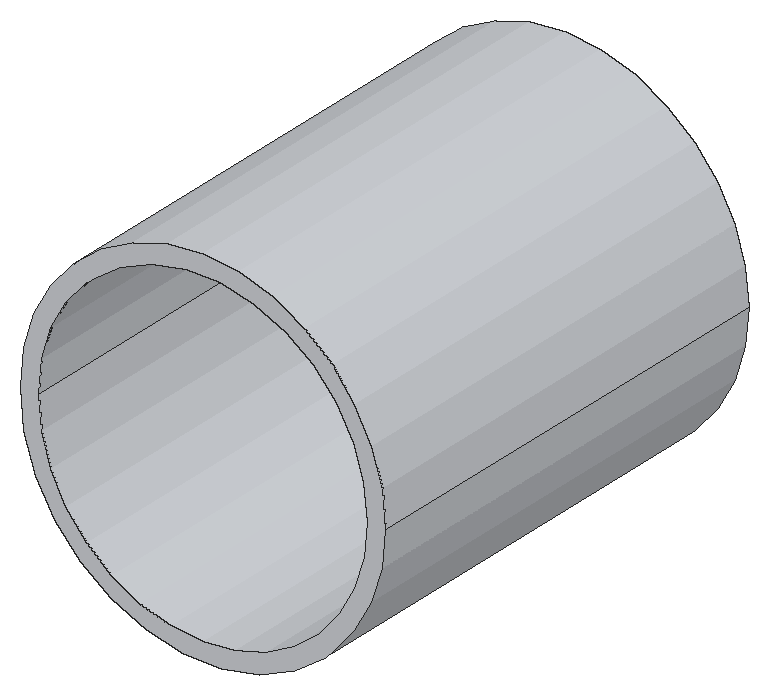
Revit family "SC3B", category Generic Models, Revit 2017
Family settings
  Can host rebar = No
  Round Connector Dimension = Use Diameter
  Part Type = Normal
  Work Plane-Based = Yes
  Always vertical = No
  Cut with Voids When Loaded = No
  Shared = No
  Room Calculation Point = No
Parameters (values of type "NBS Standard Parameters")
  Weight = "0.062Kg"
  WarrantyStartDate [instance] = "1900-12-31T23:59:59"
  WarrantyGuarantorParts = "n/a"
  WarrantyGuarantorLabor = "n/a"
  WarrantyDurationUnit = "1 year"
  WarrantyDurationParts = "n/a"
  WarrantyDurationLabor = "n/a"
  WarrantyDescription = "n/a"
  Version = "1"
  Uniclass2 = "Pr_65_70_11_20"
  TagNumber [instance] = "n/a"
  SustainabilityPerformance = "n/a"
  Size = "32mm"
  Shape = "Circular"
  SerialNumber [instance] = "n/a"
  Revision = "n/a"
  ReplacementCost = "n/a"
  ProductInformation = "www.metpro.co.uk/pdf/sc3g.pdf"
  NominalWidth = 35.5 mm
  NominalLength = 35.5 mm
  NominalHeight = 44 mm
  Name = ""
  NBSTypeID = ""
  NBSReference = "90-55-10/460"
  NBSOfficeMasterTag = ""
  NBSNote = ""
  NBSDescription = "Conduit Fittings"
  NBSCertification = ""
  ModelReference = "SC3B"
  ModelNumber = "n/a"
  Material = "Steel"
  ManufacturerURL = "www.metpro.co.uk"
  ManufacturerName = "Metpro  Ltd"
  InstallationDate [instance] = "1900-12-31T23:59:59"
  IfcExportType = ""
  IfcExportAs = ""
  Grade = "n/a"
  Finish = "Black"
  Features = "n/a"
  ExpectedLife = "n/a"
  DurationUnit = "year"
  Description = "SC3B - 32mm Solid Coupler"
  Default Elevation = 1219.2 mm
  Constituents = "n/a"
  Color = "n/a"
  CodePerformance = "n/a"
  Category = "n/a"
  BarCode [instance] = "n/a"
  BIMObjectName = "Metpro_metprolibrary_conduitfittings_metalcomponent_steelaccessories"
  Author = "Metpro Ltd"
  AssetType = ""
  AssetIdentifier [instance] = "n/a"
  AccessibilityPerformance = "n/a"
Reference planes
  plane 1 "Center (Front/Back)": y = 0
  plane 2: z = 0
  plane 3 "Center (Left/Right)": x = 0
Forms (mm)
  Extrusion 1, solid
    sketch origin (159.784, 1.586, 25.952) x (-1, 0, 0) y (0, 0, 1)
      loop
        circle (210, 20) r 17.75
      loop
        circle (210, 20) r 16
    from 0 to 44
Dimensions and locks
  aligned and locked: level to plane 2
